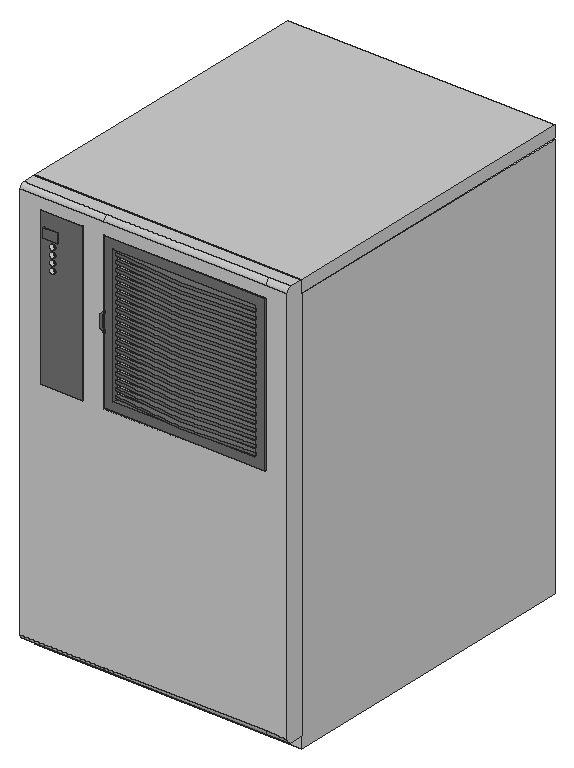
Revit family "QF_HOSHIZAKI_IM-240ANE-HC-21", category Specialty Equipment, Revit 2016
Family settings
  Part Type = Normal
  Round Connector Dimension = Use Diameter
  OmniClass Number = 23.40.40.14
  OmniClass Title = Food Service Equipment
  Work Plane-Based = No
  Always vertical = Yes
  Cut with Voids When Loaded = No
  Shared = No
  Room Calculation Point = No
Parameters (values of type "IM-240ANE-HC-21_240V/1Ph/60Hz")
  Weight = 78.00 kg
  Waste Remarks [instance] = ""
  Volts = 240 V
  URL Cutsheet = ""
  URL = "www.hoshizaki-europe.com"
  Status [instance] = ""
  Specification by User [instance] = ""
  Specification by Manufacturer [instance] = ""
  Serial Number = ""
  Seismic Rating = ""
  SMACNA No = ""
  Revision Code [instance] = ""
  Phase = 1
  Number of Poles = 2
  NAFEM Spec ID Number = ""
  Model = "IM-240ANE-HC-21"
  Min Ckt Ampacity = 0 A
  Max Overcurrent Protection = 0 A
  Masterspec = ""
  Manufacturer = "HOSHIZAKI"
  Length Actual = 560 mm
  Item Number [instance] = ""
  Installed By [instance] = ""
  Indirect Waste Size = 19.05 mm
  Indirect Waste Connection Type [instance] = ""
  Indirect Waste Connection Height [instance] = 40 mm
  Identify Quantity as Lot [instance] = no
  Height Actual = 880 mm
  HP power = ""
  Furnished By [instance] = ""
  Foodservice Equipment Identifier [instance] = yes
  FL Amps = 20 A
  Electric power = 930 W
  Electric Connection Type [instance] = ""
  Elec Conn RI Height [instance] = 0 mm
  Elec Conn Connection Height [instance] = 770 mm
  Direct Waste RI Height [instance] = 0 mm
  Description = "IM HYDROCARBON ICE MAKER, 235KG PER 24 HOURS, EXTRA SMALL CUBE, MODULAR"
  Depth Actual = 700 mm
  Cycle = 60 Hz
  Cost = 0
  Conn Plug = ""
  Conn Conduit = no
  Cold Water Temperature Recommended = 0 °C
  Cold Water Size = 19.05 mm
  Cold Water Flow = 0.0 L/s
  Cold Water Connection Height [instance] = 415 mm
  CSI MasterFormat = ""
  Assembly Code = "E1090320"
  Apparent Power = 930 VA
  Accessory = no
Types (2, lengths in mm): name | Volts | Cycle
  IM-240ANE-HC-21_230V/1Ph/50Hz | 230 V | 50 Hz
  IM-240ANE-HC-21_240V/1Ph/60Hz | 240 V | 60 Hz
Reference planes
  plane 1 "Center (Front/Back)": y = 0
  plane 2: z = 0
  plane 3 "Center (Left/Right)": x = 0
Forms (mm)
  Extrusion 1, solid, not visible
    sketch origin (48, -2, 414) x (1, 0, 0) y (0, 1, 0)
      loop
        line (0, 0) -> (2, 0) -> (2, 2) -> (0, 2) -> (0, 0)
    from 0 to 2
  Extrusion 2, solid, not visible
    sketch origin (71, -2, 39) x (1, 0, 0) y (0, 1, 0)
      loop
        line (0, 0) -> (2, 0) -> (2, 2) -> (0, 2) -> (0, 0)
    from 0 to 2
  Extrusion 3, solid, not visible
    sketch origin (31, -17, 769) x (1, 0, 0) y (0, 1, 0)
      loop
        line (0, 0) -> (2, 0) -> (2, 2) -> (0, 2) -> (0, 0)
    from 0 to 2
  Extrusion 4, solid, not visible
    sketch origin (48, -2, 414) x (1, 0, 0) y (0, 1, 0)
      loop
        line (0, 0) -> (2, 0) -> (2, 2) -> (0, 2) -> (0, 0)
    from 0 to 2
  Extrusion 5, solid, not visible
    sketch origin (71, -2, 39) x (1, 0, 0) y (0, 1, 0)
      loop
        line (0, 0) -> (2, 0) -> (2, 2) -> (0, 2) -> (0, 0)
    from 0 to 2
  Extrusion 6, solid, not visible
    sketch origin (31, -17, 769) x (1, 0, 0) y (0, 1, 0)
      loop
        line (0, 0) -> (2, 0) -> (2, 2) -> (0, 2) -> (0, 0)
    from 0 to 2
Dimensions and locks
  aligned and locked: level to plane 2
Nested families
  nested 1: "QF_HOSHIZAKI_IM-240ANE-HC-21_230V_1Ph_50Hz" at (0, 0, 0), type "IM-240ANE-HC-21_230V/1Ph/50Hz"
    with Waste Water Discharge Temperature 0 °C, Status "", Specification by User "", Show Clearance yes, Revision Code "", Plumbing Remarks "", Plumbing Connection Type "", Number of Poles 1, Item Number "", Installed By "", Indirect Waste Connection Type "", Indirect Waste Connection Height 40 mm, Identify Quantity as Lot no, Furnished By "", Foodservice Equipment Identifier yes, Electrical Remarks "", Electric Connection Type "", Elec Conn RI Height 0 mm, Elec Conn Connection Height 770 mm, Conn Conduit no, Cold Water RI Height 415 mm, Cold Water Flow 0.0 L/s, Cold Water Consumption "", Cold Water Connection Height 415 mm
Connectors
  piping at (49, 0, 415), diameter 19.05, driven by "Cold Water Size", driven by "Cold Water Flow"
    settings: on Extrusion 1, index 1, connector inside diameter 609.6 mm, connector length 0 mm, flow factor 0, pipe flow 0.0 L/s, pressure drop 0.0 Pa, fitting loss kfactor 0, connector angle 0.00°, fixture units 0, engagement length 0 mm, angle of deflection 0.00°, flow configuration 1, flow direction 1, fitting loss method 0, system type 20, joint type 0, gender type 0, connector reference index -1, connector utility 0, adjustable connector no, is connector primary yes, connector description "Cold Water connection for 'IM-240ANE-HC-21'"
  piping at (72, 0, 40), diameter 19.05, driven by "Indirect Waste Size"
    settings: on Extrusion 2, index 2, connector inside diameter 609.6 mm, connector length 0 mm, flow factor 0, pipe flow 0.0 L/s, pressure drop 0.0 Pa, fitting loss kfactor 0, connector angle 0.00°, fixture units 0, engagement length 0 mm, angle of deflection 0.00°, flow configuration 1, flow direction 2, fitting loss method 0, system type 16, joint type 0, gender type 0, connector reference index -1, connector utility 0, adjustable connector no, is connector primary no, connector description "Drain connection for 'IM-240ANE-HC-21'"
  electrical at (32, -15, 770), driven by "Apparent Power", driven by "Number of Poles", driven by "Volts"
    settings: on Extrusion 3, index 3, voltage 240 V, apparent load 0 VA, apparent load phase1 930 VA, apparent load phase2 0 VA, apparent load phase3 0 VA, power factor 1, load classification "Other", number of poles 2, system type 31, power factor state 1, is connector primary yes, connector utility no, sub classification motor no, connector description "Electric connection for 'IM-240ANE-HC-21'"
  piping at (49, 0, 415), diameter 19.05, driven by "Cold Water Size", driven by "Cold Water Flow"
    settings: on Extrusion 4, index 4, connector inside diameter 609.6 mm, connector length 0 mm, flow factor 0, pipe flow 0.0 L/s, pressure drop 0.0 Pa, fitting loss kfactor 0, connector angle 0.00°, fixture units 0, engagement length 0 mm, angle of deflection 0.00°, flow configuration 1, flow direction 1, fitting loss method 0, system type 20, joint type 0, gender type 0, connector reference index -1, connector utility 0, adjustable connector no, is connector primary no, connector description "Cold Water connection for 'IM-240ANE-HC-21'"
  piping at (72, 0, 40), diameter 19.05, driven by "Indirect Waste Size"
    settings: on Extrusion 5, index 5, connector inside diameter 609.6 mm, connector length 0 mm, flow factor 0, pipe flow 0.0 L/s, pressure drop 0.0 Pa, fitting loss kfactor 0, connector angle 0.00°, fixture units 0, engagement length 0 mm, angle of deflection 0.00°, flow configuration 1, flow direction 2, fitting loss method 0, system type 16, joint type 0, gender type 0, connector reference index -1, connector utility 0, adjustable connector no, is connector primary no, connector description "Drain connection for 'IM-240ANE-HC-21'"
  electrical at (32, -15, 770), driven by "Apparent Power", driven by "Number of Poles", driven by "Volts"
    settings: on Extrusion 6, index 6, voltage 240 V, apparent load 0 VA, apparent load phase1 930 VA, apparent load phase2 0 VA, apparent load phase3 0 VA, power factor 1, load classification "Other", number of poles 2, system type 31, power factor state 1, is connector primary no, connector utility no, sub classification motor no, connector description "Electric connection for 'IM-240ANE-HC-21'"
Definition of nested family "QF_HOSHIZAKI_IM-240ANE-HC-21_230V_1Ph_50Hz"
  Parameters (values of type "IM-240ANE-HC-21_230V/1Ph/50Hz")
    Weight in Pounds = 171.9604
    Electric power = 930 W
    Waste Water Discharge Temperature [instance] = 0 °C
    Volts = 230 V
    URL Cutsheet = "www.hoshizaki-europe.com"
    URL = "www.hoshizaki-europe.com"
    Status [instance] = ""
    Specification by User [instance] = ""
    Specification by Manufacturer = ""
    Show Clearance [instance] = yes
    Serial Number = ""
    Seismic Rating = ""
    SMACNA No = ""
    Revision Code [instance] = ""
    Plumbing Remarks [instance] = ""
    Plumbing Connection Type [instance] = ""
    Phase = 1
    Number of Poles [instance] = 1
    NAFEM Spec ID Number = ""
    Model = "IM-240ANE-HC-21"
    Min Ckt Ampacity = 0 A
    Max Overcurrent Protection = 0 A
    Masterspec = ""
    Manufacturer = "HOSHIZAKI"
    Item Number [instance] = ""
    Installed By [instance] = ""
    Indirect Waste Size = 19.05 mm
    Indirect Waste Flow = 0.0 L/s
    Indirect Waste Connection Type [instance] = ""
    Indirect Waste Connection Height [instance] = 40 mm
    Identify Quantity as Lot [instance] = no
    HP power = "1.247148600000"
    Furnished By [instance] = ""
    Foodservice Equipment Identifier [instance] = yes
    FL Amps = 20 A
    Electrical Remarks [instance] = ""
    Electric Connection Type [instance] = ""
    Elec Conn RI Height [instance] = 0 mm
    Elec Conn Connection Height [instance] = 770 mm
    Description = "EMERALD CLASS IM HYDROCARBON ICE MAKER, 235KG PER 24 HOURS, EXTRA SMALL CUBE, MODULAR"
    Cycle = 50 Hz
    Conn Plug = ""
    Conn Conduit [instance] = no
    Cold Water Temperature Recommended = 35 °C
    Cold Water Size = 19.05 mm
    Cold Water RI Height [instance] = 415 mm
    Cold Water Minimum Pressure = 70000.0 Pa
    Cold Water Maximum Pressure = 780000.0 Pa
    Cold Water Flow [instance] = 0.0 L/s
    Cold Water Consumption [instance] = ""
    Cold Water Connection Height [instance] = 415 mm
    CSI MasterFormat = ""
    Assembly Code = "E1090320"
    Apparent Power = 930 VA
  Types (12, lengths in mm): name | Weight in Pounds | Electric power | Phase | Model | Indirect Waste Size | Indirect Waste Connection Height | Identify Quantity as Lot | HP power | Elec Conn Connection Height | Description | Conn Conduit | Cold Water Size | Cold Water RI Height | Cold Water Connection Height | Apparent Power
    (no name) | 0 | 0 W | 0 | "" | 0 | 0 | yes | "" | 0 | "" | yes | 0 | 0 | 0 | 0 VA
    IM-130ANE-HC | 149.9142 | 630 W | 1 | "IM-130ANE-HC" | 19.05 | 40 | no | "0.844842600000" | 770 | "EMERALD CLASS IM HYDROCARBON ICE MAKER, 125KG PER 24 HOURS, LARGE CUBE, MODULAR" | no | 12.7 | 415 | 415 | 630 VA
    IM-130ANE-HC-23 | 149.9142 | 630 W | 1 | "IM-130ANE-HC-23" | 19.05 | 40 | no | "0.844842600000" | 770 | "EMERALD CLASS IM HYDROCARBON ICE MAKER, 125KG PER 24 HOURS, MEDIUM CUBE, MODULAR" | no | 12.7 | 415 | 415 | 630 VA
    IM-240ANE-HC | 171.9604 | 930 W | 1 | "IM-240ANE-HC" | 19.05 | 40 | no | "1.247148600000" | 770 | "EMERALD CLASS IM HYDROCARBON ICE MAKER, 235KG PER 24 HOURS, LARGE CUBE, MODULAR" | no | 19.05 | 415 | 415 | 930 VA
    IM-240ANE-HC-21_230V/1Ph/50Hz | 171.9604 | 930 W | 1 | "IM-240ANE-HC-21" | 19.05 | 40 | no | "1.247148600000" | 770 | "EMERALD CLASS IM HYDROCARBON ICE MAKER, 235KG PER 24 HOURS, EXTRA SMALL CUBE, MODULAR" | no | 19.05 | 415 | 415 | 930 VA
    IM-240ANE-HC-23 | 171.9604 | 930 W | 1 | "IM-240ANE-HC-23" | 19.05 | 40 | no | "1.247148600000" | 770 | "EMERALD CLASS IM HYDROCARBON ICE MAKER, 235KG PER 24 HOURS, MEDIUM CUBE, MODULAR" | no | 19.05 | 415 | 415 | 930 VA
    IM-240ANE-HC-32 | 171.9604 | 930 W | 1 | "IM-240ANE-HC-32" | 19.05 | 40 | no | "1.247148600000" | 770 | "EMERALD CLASS IM HYDROCARBON ICE MAKER, 235KG PER 24 HOURS, EXTRA LARGE CUBE, MODULAR" | no | 19.05 | 415 | 415 | 930 VA
    IM-240ANE | 176.3696 | 1320 W | 1 | "IM-240ANE" | 19.05 | 40 | no | "1.770146400000" | 770 | "MODULAR IM ICE MAKER, 240KG PER 24 HOURS, LARGE CUBE" | no | 19.05 | 415 | 415 | 1320 VA
    IM-240ANE-21 | 176.3696 | 1320 W | 1 | "IM-240ANE-21" | 19.05 | 40 | no | "1.770146400000" | 770 | "MODULAR IM ICE MAKER, 240KG PER 24 HOURS, EXTRA SMALL CUBE" | no | 19.05 | 415 | 415 | 1320 VA
    IM-240ANE-23 | 176.3696 | 1320 W | 1 | "IM-240ANE-23" | 19.05 | 40 | no | "1.770146400000" | 770 | "MODULAR IM ICE MAKER, 240KG PER 24 HOURS, MEDIUM CUBE" | no | 19.05 | 415 | 415 | 1320 VA
    IM-240AWNE | 176.3696 | 1320 W | 1 | "IM-240AWNE" | 19.05 | 40 | no | "1.770146400000" | 770 | "MODULAR IM ICE MAKER, 240KG PER 24 HOURS, LARGE CUBE, WATER COOLED" | no | 19.05 | 415 | 415 | 1320 VA
    IM-240AWNE-23 | 176.3696 | 1320 W | 1 | "IM-240AWNE-23" | 19.05 | 40 | no | "1.770146400000" | 770 | "MODULAR IM ICE MAKER, 240KG PER 24 HOURS, MEDIUM CUBE, WATER COOLED" | no | 19.05 | 415 | 415 | 1320 VA
  Values of the unnamed type that differ from the named types
    Waste Water Discharge Temperature = -273.15 °C
    Volts = 0 V
    URL Cutsheet = ""
    URL = ""
    Manufacturer = ""
    FL Amps = 0 A
    Cycle = 0 Hz
    Cold Water Temperature Recommended = -273.15 °C
    Cold Water Minimum Pressure = 0.0 Pa
    Cold Water Maximum Pressure = 0.0 Pa
  Reference planes
    plane 1 "Back": y = 0
    plane 2: z = 0
    plane 3 "Left": x = 0
    plane 4 "Right": x = 560
    plane 5 "Front": y = -700
    plane 6 "Top": z = 880
  Forms (mm)
    Extrusion 1, solid
      sketch origin (0, 0, 40) x (0, 1, 0) y (0, 0, 1)
        loop
          line (0, -40) -> (0, 813) -> (-663, 813) -> (-663, -40) -> (0, -40)
      from 0 to 560
    Extrusion 2, solid
      sketch origin (-357.75, -249, 573) x (0, 1, 0) y (0, 0, 1)
        loop
          line (-414, -550) -> (-414, 307) -> (-441, 307)
          arc (-441, 307) -> (-448.071, 304.071) -> (-451, 297) r 10
          line (-451, 297) -> (-451, -540)
          arc (-451, -540) -> (-448.071, -547.071) -> (-441, -550) r 10
          line (-441, -550) -> (-414, -550)
      from 533.75 to 357.75
    Extrusion 3, solid
      sketch origin (0, 0, 185) x (0, 1, 0) y (0, 0, 1)
        loop
          line (-663, 695) -> (-663, 670) -> (0, 670) -> (0, 695) -> (-663, 695)
      from 560 to 0
    Extrusion 4, solid
      sketch origin (-59.168, -700, 607.328) x (1, 0, 0) y (0, 0, 1)
        loop
          line (103.168, 239.672) -> (103.168, -87.328) -> (191.168, -87.328) -> (191.168, 239.672) -> (103.168, 239.672)
      from 0 to 2
    Extrusion 5, solid
      sketch origin (-184.608, -702, 607.328) x (1, 0, 0) y (0, 0, 1)
        loop
          line (235.856, 210.572) -> (235.856, 190.572) -> (265.856, 190.572) -> (265.856, 210.572) -> (235.856, 210.572)
      from 0 to 2
    Extrusion 6, solid
      sketch origin (-177.859, -702, 607.328) x (1, 0, 0) y (0, 0, 1)
        loop
          circle (248.239, 179.635) r 5
        loop
          circle (248.239, 164.635) r 5
        loop
          circle (248.239, 149.635) r 5
        loop
          circle (248.239, 134.635) r 5
      from 0 to 2
    Extrusion 7, solid
      sketch origin (205.924, 29, 647) x (0, 1, 0) y (0, 0, 1)
        loop
          line (-29, 123) -> (16, 123) -> (16, 164.349) -> (0, 192.062) -> (0, 206) -> (-29, 206) -> (-29, 123)
      from -147.876 to -200
    Extrusion 8, solid
      sketch origin (72, 33, 40) x (1, 0, 0) y (0, 0, 1)
        loop
          circle (0, 0) r 14
        loop
          circle (0, 0) r 12
      from 0 to 33
    Extrusion 9, solid
      sketch origin (49, 33, 415) x (1, 0, 0) y (0, 0, 1)
        loop
          circle (0, 0) r 14
        loop
          circle (0, 0) r 12
      from 4 to 33
    Extrusion 10, solid
      sketch origin (516, -249, 573) x (0, 1, 0) y (0, 0, 1)
        loop
          line (-414, -550) -> (-414, 307) -> (-441, 307)
          arc (-441, 307) -> (-448.071, 304.071) -> (-451, 297) r 10
          line (-451, 297) -> (-451, -540)
          arc (-451, -540) -> (-448.071, -547.071) -> (-441, -550) r 10
          line (-441, -550) -> (-414, -550)
      from 0 to 44
    Extrusion 11, solid
      sketch origin (176, -249, 573) x (0, 1, 0) y (0, 0, 1)
        loop
          line (-414, -550) -> (-414, -53) -> (-451, -53) -> (-451, -540)
          arc (-451, -540) -> (-448.071, -547.071) -> (-441, -550) r 10
          line (-441, -550) -> (-414, -550)
        loop
          line (-451, 297) -> (-451, 274) -> (-414, 274) -> (-414, 307) -> (-441, 307)
          arc (-441, 307) -> (-448.071, 304.071) -> (-451, 297) r 10
      from 0 to 340
    Extrusion 12, solid
      sketch origin (60.75, -852, 508) x (1, 0, 0) y (0, 0, 1)
        loop
          line (117.25, 337) -> (117.25, 14) -> (453.25, 14) -> (453.25, 337) -> (117.25, 337)
        loop
          line (135.25, 319) -> (135.25, 32) -> (435.25, 32) -> (435.25, 319) -> (135.25, 319)
      from -150 to -160
    Extrusion 13, solid
      sketch origin (60.75, -249, 650) x (1, 0, 0) y (0, 1, 0)
        loop
          line (135.25, -443) -> (135.25, -448.703)
          arc (135.25, -448.703) -> (285.097, -461.54) -> (435.25, -453) r 1057.927
          line (435.25, -453) -> (435.25, -443) -> (135.25, -443)
      from 0 to 5
    Extrusion 14, solid
      sketch origin (60.75, -249, 665) x (1, 0, 0) y (0, 1, 0)
        loop
          line (135.25, -443) -> (135.25, -448.703)
          arc (135.25, -448.703) -> (285.097, -461.54) -> (435.25, -453) r 1057.927
          line (435.25, -453) -> (435.25, -443) -> (135.25, -443)
      from 0 to 5
    Extrusion 15, solid
      sketch origin (60.75, -249, 680) x (1, 0, 0) y (0, 1, 0)
        loop
          line (135.25, -443) -> (135.25, -448.703)
          arc (135.25, -448.703) -> (285.097, -461.54) -> (435.25, -453) r 1057.927
          line (435.25, -453) -> (435.25, -443) -> (135.25, -443)
      from 0 to 5
    Extrusion 16, solid
      sketch origin (60.75, -249, 695) x (1, 0, 0) y (0, 1, 0)
        loop
          line (135.25, -443) -> (135.25, -448.703)
          arc (135.25, -448.703) -> (285.097, -461.54) -> (435.25, -453) r 1057.927
          line (435.25, -453) -> (435.25, -443) -> (135.25, -443)
      from 0 to 5
    Extrusion 17, solid
      sketch origin (60.75, -249, 710) x (1, 0, 0) y (0, 1, 0)
        loop
          line (135.25, -443) -> (135.25, -448.703)
          arc (135.25, -448.703) -> (285.097, -461.54) -> (435.25, -453) r 1057.927
          line (435.25, -453) -> (435.25, -443) -> (135.25, -443)
      from 0 to 5
    Extrusion 18, solid
      sketch origin (60.75, -249, 725) x (1, 0, 0) y (0, 1, 0)
        loop
          line (135.25, -443) -> (135.25, -448.703)
          arc (135.25, -448.703) -> (285.097, -461.54) -> (435.25, -453) r 1057.927
          line (435.25, -453) -> (435.25, -443) -> (135.25, -443)
      from 0 to 5
    Extrusion 19, solid
      sketch origin (60.75, -249, 740) x (1, 0, 0) y (0, 1, 0)
        loop
          line (135.25, -443) -> (135.25, -448.703)
          arc (135.25, -448.703) -> (285.097, -461.54) -> (435.25, -453) r 1057.927
          line (435.25, -453) -> (435.25, -443) -> (135.25, -443)
      from 0 to 5
    Extrusion 20, solid
      sketch origin (60.75, -249, 755) x (1, 0, 0) y (0, 1, 0)
        loop
          line (135.25, -443) -> (135.25, -448.703)
          arc (135.25, -448.703) -> (285.097, -461.54) -> (435.25, -453) r 1057.927
          line (435.25, -453) -> (435.25, -443) -> (135.25, -443)
      from 0 to 5
    Extrusion 21, solid
      sketch origin (60.75, -249, 770) x (1, 0, 0) y (0, 1, 0)
        loop
          line (135.25, -443) -> (135.25, -448.703)
          arc (135.25, -448.703) -> (285.097, -461.54) -> (435.25, -453) r 1057.927
          line (435.25, -453) -> (435.25, -443) -> (135.25, -443)
      from 0 to 5
    Extrusion 22, solid
      sketch origin (60.75, -249, 785) x (1, 0, 0) y (0, 1, 0)
        loop
          line (135.25, -443) -> (135.25, -448.703)
          arc (135.25, -448.703) -> (285.097, -461.54) -> (435.25, -453) r 1057.927
          line (435.25, -453) -> (435.25, -443) -> (135.25, -443)
      from 0 to 5
    Extrusion 23, solid
      sketch origin (60.75, -249, 800) x (1, 0, 0) y (0, 1, 0)
        loop
          line (135.25, -443) -> (135.25, -448.703)
          arc (135.25, -448.703) -> (285.097, -461.54) -> (435.25, -453) r 1057.927
          line (435.25, -453) -> (435.25, -443) -> (135.25, -443)
      from 0 to 5
    Extrusion 24, solid
      sketch origin (60.75, -249, 815) x (1, 0, 0) y (0, 1, 0)
        loop
          line (135.25, -443) -> (135.25, -448.703)
          arc (135.25, -448.703) -> (285.097, -461.54) -> (435.25, -453) r 1057.927
          line (435.25, -453) -> (435.25, -443) -> (135.25, -443)
      from 0 to 5
    Extrusion 25, solid
      sketch origin (30.75, -900, 451.571) x (1, 0, 0) y (0, 0, 1)
        loop
          line (147.25, 254) -> (138.179, 244.929) -> (138.179, 218.929) -> (147.25, 209.858) -> (147.25, 216.929) -> (143.179, 221) -> (143.179, 242.858) -> (147.25, 246.929) -> (147.25, 254)
      from -198 to -200
    Extrusion 26, solid
      sketch origin (60.75, -249, 590) x (1, 0, 0) y (0, 1, 0)
        loop
          line (135.25, -443) -> (135.25, -448.703)
          arc (135.25, -448.703) -> (285.097, -461.54) -> (435.25, -453) r 1057.927
          line (435.25, -453) -> (435.25, -443) -> (135.25, -443)
      from 0 to 5
    Extrusion 27, solid
      sketch origin (60.75, -249, 605) x (1, 0, 0) y (0, 1, 0)
        loop
          line (135.25, -443) -> (135.25, -448.703)
          arc (135.25, -448.703) -> (285.097, -461.54) -> (435.25, -453) r 1057.927
          line (435.25, -453) -> (435.25, -443) -> (135.25, -443)
      from 0 to 5
    Extrusion 28, solid
      sketch origin (60.75, -249, 620) x (1, 0, 0) y (0, 1, 0)
        loop
          line (135.25, -443) -> (135.25, -448.703)
          arc (135.25, -448.703) -> (285.097, -461.54) -> (435.25, -453) r 1057.927
          line (435.25, -453) -> (435.25, -443) -> (135.25, -443)
      from 0 to 5
    Extrusion 29, solid
      sketch origin (60.75, -249, 635) x (1, 0, 0) y (0, 1, 0)
        loop
          line (135.25, -443) -> (135.25, -448.703)
          arc (135.25, -448.703) -> (285.097, -461.54) -> (435.25, -453) r 1057.927
          line (435.25, -453) -> (435.25, -443) -> (135.25, -443)
      from 0 to 5
    Extrusion 30, solid
      sketch origin (60.75, -249, 545) x (1, 0, 0) y (0, 1, 0)
        loop
          line (135.25, -443) -> (135.25, -448.703)
          arc (135.25, -448.703) -> (285.097, -461.54) -> (435.25, -453) r 1057.927
          line (435.25, -453) -> (435.25, -443) -> (135.25, -443)
      from 0 to 5
    Extrusion 31, solid
      sketch origin (60.75, -249, 560) x (1, 0, 0) y (0, 1, 0)
        loop
          line (135.25, -443) -> (135.25, -448.703)
          arc (135.25, -448.703) -> (285.097, -461.54) -> (435.25, -453) r 1057.927
          line (435.25, -453) -> (435.25, -443) -> (135.25, -443)
      from 0 to 5
    Extrusion 32, solid
      sketch origin (60.75, -249, 575) x (1, 0, 0) y (0, 1, 0)
        loop
          line (135.25, -443) -> (135.25, -448.703)
          arc (135.25, -448.703) -> (285.097, -461.54) -> (435.25, -453) r 1057.927
          line (435.25, -453) -> (435.25, -443) -> (135.25, -443)
      from 0 to 5
  Cuts and joins
    joined: Extrusion 2, Extrusion 10, Extrusion 11
  Lines and regions (mm)
    symbolic lines
      curve 1: line (0, 0, 0) -> (560, 0, 0)
      curve 2: line (0, -700, 0) -> (0, 0, 0)
      curve 3: line (560, -700, 0) -> (0, -700, 0)
      curve 4: line (560, 0, 0) -> (560, -700, 0)
      curve 5: line (5.924, 0, 0) -> (5.924, 45, 0)
      curve 6: line (58.048, 45, 0) -> (58.048, 0, 0)
      curve 7: line (0, -663, 0) -> (560, -663, 0)
      curve 8: line (5.924, 45, 0) -> (58.048, 45, 0)
      curve 9: line (58.048, 33, 0) -> (86, 33, 0)
      curve 10: line (86, 33, 0) -> (86, 0, 0)
  Dimensions and locks
    aligned and locked: level to plane 2
    aligned and locked: Extrusion 4 sketch curve to Extrusion 4 sketch curve
  Connectors
    piping at (72, 33, 40), diameter 19.05, driven by "Indirect Waste Size", driven by "Indirect Waste Flow"
      settings: on Extrusion 8, index 1, connector inside diameter 609.6 mm, connector length 0 mm, flow factor 0, pipe flow 0.0 L/s, pressure drop 0.0 Pa, fitting loss kfactor 0, connector angle 0.00°, fixture units 0, engagement length 0 mm, angle of deflection 0.00°, flow configuration 1, flow direction 2, fitting loss method 0, system type 16, joint type 0, gender type 0, connector reference index -1, connector utility 0, adjustable connector no, is connector primary yes, connector description "Indirect Waste Connection"
    electrical at (31.986, 22.5, 770), driven by "Apparent Power", driven by "Volts", driven by "Number of Poles"
      settings: on Extrusion 7, index 2, voltage 230 V, apparent load 0 VA, apparent load phase1 930 VA, apparent load phase2 0 VA, apparent load phase3 0 VA, power factor 1, load classification none, number of poles 1, system type 31, power factor state 1, is connector primary yes, connector utility no, sub classification motor no, connector description "Electrical connection"
    piping at (49, 29, 415), diameter 19.05, driven by "Cold Water Size", driven by "Cold Water Flow"
      settings: on Extrusion 9, index 3, connector inside diameter 609.6 mm, connector length 0 mm, flow factor 0, pipe flow 0.0 L/s, pressure drop 0.0 Pa, fitting loss kfactor 0, connector angle 0.00°, fixture units 0, engagement length 0 mm, angle of deflection 0.00°, flow configuration 1, flow direction 1, fitting loss method 0, system type 20, joint type 0, gender type 0, connector reference index -1, connector utility 0, adjustable connector no, is connector primary no, connector description "Cold Water onnection"
